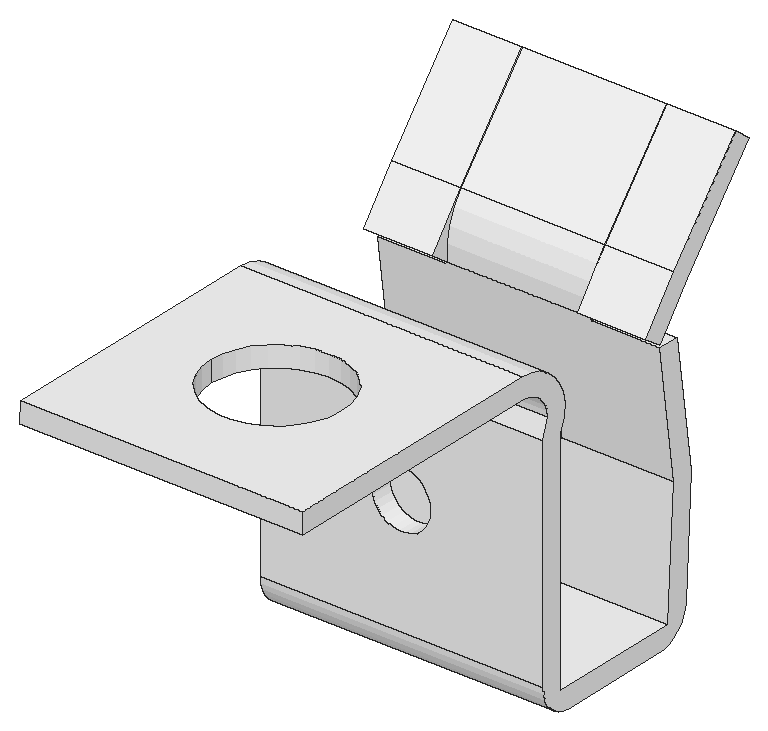
Revit family "C-19用ハンガー", category 機械設備, Revit 2020
Family settings
  丸型コネクタ寸法 = 直径を使用
  種別 = なし
  パーツ タイプ = 標準
  作業面ベース = いいえ
  常に垂直 = はい
  ロード時にボイドで切り取り = いいえ
  共有 = いいえ
  部屋計算ポイント = いいえ
Parameters
  製造元 = "株式会社桐井製作所"
  既定の高さ = 0 mm
  URL = "https://www.kirii.co.jp/"
  K_材質 = "SGHC　一般用"
  K_品名 = "C-19用ハンガー"
  K_名称 = "その他ハンガー"
  K_入数 = "400"
  K_バージョン情報 = "20211012"
  K_めっき付着量 = "Z12"
  K_JIS規格 = "JIS G 3302"
Reference planes
  plane 1 "中心(正面/背面)": y = 0
  plane 2: z = 0
  plane 3 "中心(左/右)": x = 0
  plane 4: x = 10.75
  plane 5: x = -10.75
Forms (mm)
  Extrusion 1, void
    sketch origin (0, -1.432, 0) x (1, 0, 0) y (0, 1, 0)
      loop
        line (-10.75, 14.349) -> (-10.75, 3.942) -> (-5.5, 3.942) -> (-5.5, 14.349) -> (-10.75, 14.349)
      loop
        line (5.5, 14.314) -> (5.5, 3.952) -> (10.75, 3.952) -> (10.75, 14.314) -> (5.5, 14.314)
    from 19.207 to 30.9
  Extrusion 2, void
    sketch origin (0, -2.227, 0) x (1, 0, 0) y (0, 1, 0)
      loop
        circle (0, -16.457) r 5
    from 21.4 to 23
  Extrusion 3, solid
    sketch origin (0, 0, -1.6) x (0, 1, 0) y (0, 0, 1)
      loop
        line (4.401, 21.006) -> (5.742, 11.1) -> (5.164, 1.6) -> (-5.142, 1.6) -> (-5.142, 19.163) -> (-4.795, 20.174)
        arc (-4.795, 20.174) -> (-4.699, 20.606) -> (-4.699, 21.048) r 2
        arc (-4.699, 21.048) -> (-6.009, 23.583) -> (-8.674, 24.6) r 4
        line (-8.674, 24.6) -> (-29.664, 24.6) -> (-29.664, 23) -> (-8.674, 23)
        arc (-8.674, 23) -> (-7.04, 22.358) -> (-6.28, 20.775) r 2.4
        line (-6.28, 20.775) -> (-6.764, 19.367) -> (-6.764, 2.5)
        arc (-6.764, 2.5) -> (-6.032, 0.732) -> (-4.264, 0) r 2.5
        line (-4.264, 0) -> (4.317, 0)
        arc (4.317, 0) -> (6.03, 0.679) -> (6.812, 2.348) r 2.5
        line (6.812, 2.348) -> (7.349, 11.165) -> (5.928, 21.146)
        arc (5.928, 21.146) -> (6.097, 22.88) -> (6.925, 24.412) r 4.4
        line (6.925, 24.412) -> (12.813, 31.476) -> (11.583, 32.5) -> (5.696, 25.437)
        arc (5.696, 25.437) -> (4.587, 23.356) -> (4.401, 21.006) r 5.783
    from -10.75 to 10.75
  Extrusion 4, solid
    sketch origin (0, 0, 0) x (0, 1, 0) y (0, 0, 1)
      loop
        line (12.813, 29.876) -> (11.583, 30.9) -> (5.696, 23.837)
        arc (5.696, 23.837) -> (4.345, 22.12) -> (3.094, 20.329) r 38.54
        line (3.094, 20.329) -> (4.401, 19.406)
        arc (4.401, 19.406) -> (5.614, 21.145) -> (6.925, 22.812) r 37.079
        line (6.925, 22.812) -> (12.813, 29.876)
    from -10.75 to 10.75
  Extrusion 5, void
    sketch origin (0, 0, 0) x (1, 0, 0) y (0, 1, 0)
      loop
        circle (0, 0.023) r 2.25
    from -1.6 to 0
  Extrusion 6, void
    sketch origin (0, -8.562, 0) x (1, 0, 0) y (0, 1, 0)
      loop
        line (-5.5, 21.375) -> (-5.5, 11.583) -> (5.5, 11.583) -> (5.5, 21.375) -> (-5.5, 21.375)
    from 19.207 to 30.9
  Extrusion 7, void
    sketch origin (0, 0, 0) x (1, 0, 0) y (0, 0, 1)
      loop
        circle (0, 10) r 2.25
    from 5.142 to 6.764
  Extrusion 8, void
    sketch origin (0, 12.109, 0) x (1, 0, 0) y (0, 0, 1)
      loop
        circle (0, 10) r 2.25
    from 4.391 to 6.764
Cuts and joins
  Extrusion 5, Extrusion 6 cuts Extrusion 4
  Extrusion 1, Extrusion 2, Extrusion 5, Extrusion 7, Extrusion 8 cuts Extrusion 3
Dimensions and locks
  aligned and locked: level to plane 2
